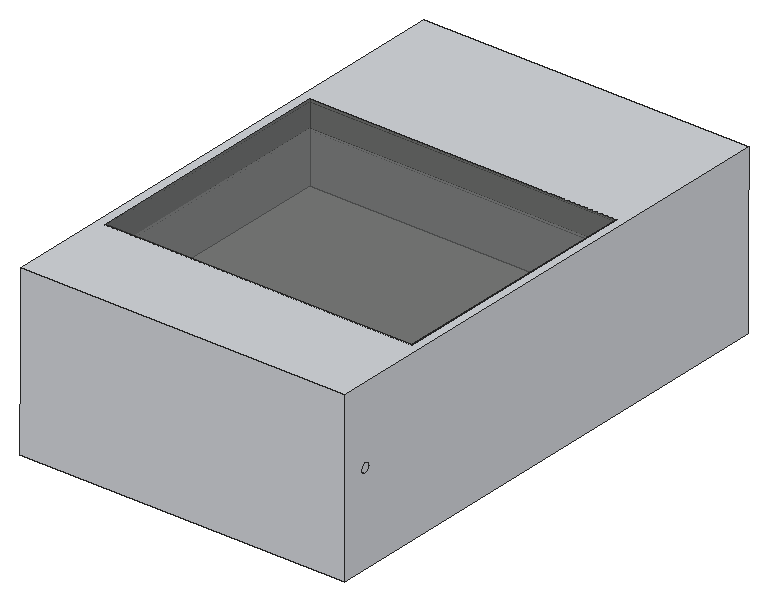
Revit family "Fireplace_Gas_DaVinci_Linear-SS", category Mechanical Equipment, host Face, Revit 2026
Family settings
  Host = Face
  Round Connector Dimension = Use Diameter
  Part Type = Normal
  Classification Number = 23.40.20.34.14
  Cut with Voids When Loaded = No
  Maintain Annotation Orientation = No
  Shared = No
  Room Calculation Point = No
Parameters
  Warranty Duration (Years) = 0
  Unit Length = 3' - 2"
  Unit Height = 4' - 11 3/16"
  Unit Depth = 1' - 7 5/8"
  URL = "http://www.davincifireplace.com/"
  Test Data = ""
  Standards Conformance = "as Specified"
  Specification = "http://www.arcat.com/sdspecs/htm04/10_31_00.10tra.htm"
  SpecWizard = "http://www.arcat.com/specwizard/10307tra/index04.htm"
  Send Message = ""
  Sales Information = "http://www.davincifireplace.com/ContactUs.aspx"
  Revision = "R1_2017-04"
  Recess Into Host [instance] = 0' - 0 1/4"
  Product Properties = "http://www.davincifireplace.com/products.aspx"
  Product Data = "http://www.arcat.com/arcatcos/cos49/arc49714.html"
  Pressure Ranges [instance] = "5.5 - 7wc for NG  ;  11 - 13wc for LP"  # constant formula
  Opening Length = 3' - 0"
  Opening Height from Base of Unit = 0' - 11 1/8"
  Opening Height = 2' - 6"
  Mounting Height [instance] = 3' - 0"
  Model = "As Specified"
  Media Material [instance] = Media - DaVinci - as Specified
  Manufacturer Website = "http://www.davincifireplace.com/"
  Manufacturer Phone - Toll Free = "800-654-1177"
  Manufacturer Phone = "425-609-2500"
  Manufacturer Fax = "425-609-2781"
  Manufacturer Address = "12521 Harbour Reach Dr.  Mukilteo, WA 98275"
  Manufacturer = "DaVinci Custom Fireplaces , Travis Industries Division"
  Maintenance Schedule (Months) = 0
  Locate Gas Connection from Front [instance] = 0' - 9"
  Locate Gas Connection Vertical [instance] = 0' - 3"
  Locate Exhaust = 1' - 7"
  Locate Air Inlet D = 0' - 7 1/4"
  Locate Air Inlet C = 1' - 1 3/4"
  Locate Air Inlet B = 0' - 7.32846"
  Locate Air Inlet A = 0' - 4.92154"
  Keynote = "10 31 00"
  Interior Finish [instance] = Finish - DaVinci - Black Porcelain
  Installation-Fabrication = ""
  Installation Phase = ""
  Inlet Volume [instance] = 0 CFM
  HVAC_Outlet Volume [instance] = 0 CFM
  HVAC_Exit Temperature [instance] = 0 °F
  HVAC_Exit Diameter [instance] = 6"
  HVAC_Entry Diameter [instance] = 4"
  HVAC_BTU Input = 14500.0 Btu/h * (BTU Input per Foot)  # 43500.0 Btu/h
  Green Building-LEED = ""
  Glazing Tint [instance] = Glass - DaVinci - Clear
  Glazing Edge Color [instance] = Finish - DaVinci - Black Paint
  Gas Connection Inlet Diameter [instance] = 1/2"
  Fuel Type [instance] = "as Specified"
  Expected Lifespan (Years) = 0
  Electrical_Voltage = 120 V
  Electrical_Amperage = 7 A
  Drawn By = "Sumex Design, Inc. / Robert S. Weygant, CSI, CDT, SCIP"
  Description = ""
  Default Elevation = 0' - 0"  # constant formula
  Copyright = "©Arcat Inc."
  Construction Details = "http://www.arcat.com/details/davinfp/davinfp.html?coid=49714"
  Building Codes = ""
  BTU Input per Foot = Opening Length / 1' 0"  # 3
  BTU Input Notes = "BTU Input per linear foot of the Fireplace Length"  # constant formula
  Available Options [instance] = "as Specified"
  Assembly Code = "E1090900"
Reference planes (in)
  plane 1 "Center (Front/Back)": y = 9.75604
  plane 2: z = 0
  plane 3 "Center (Left/Right)": x = 0
  plane 4: y = 39.34979
  plane 5: y = -19.83771
  plane 6: x = -19
  plane 7: x = 19
  plane 8 "Front": z = -0.25
  plane 9 "Rear": z = -19.875
  plane 10: y = -8.71271
  plane 11: y = 21.28729
  plane 12: x = -18
  plane 13: x = 18
  plane 14 "FF": y = -44.71271
  plane 15: x = 14.07846
  plane 16: x = 6.75
  plane 17: x = -7
  plane 18: x = -14.25
Forms (in)
  Extrusion 1, solid
    sketch origin (-15.17702, -180, -19.875) x (-1, 0, 0) y (0, -1, 0)
      loop
        line (3.82298, -219.34979) -> (3.82298, -160.16229) -> (-34.17702, -160.16229) -> (-34.17702, -219.34979) -> (3.82298, -219.34979)
      loop
        line (2.82298, -201.28729) -> (2.82298, -171.28729) -> (-33.17702, -171.28729) -> (-33.17702, -201.28729) -> (2.82298, -201.28729)
    from 0 to 19.625
  Extrusion 2, solid
    sketch origin (-15.17702, -180, -19.875) x (-1, 0, 0) y (0, -1, 0)
      loop
        line (3.82298, -219.34979) -> (3.82298, -160.16229) -> (-34.17702, -160.16229) -> (-34.17702, -219.34979) -> (3.82298, -219.34979)
    from 0 to 10.5362
  Extrusion 3, void
    sketch origin (-15.17702, -180, -19.875) x (0, -1, 0) y (-1, 0, 0)
      loop
        line (-219.34979, 3.82298) -> (-219.34979, -34.17702) -> (-160.16229, -34.17702) -> (-160.16229, 3.82298) -> (-219.34979, 3.82298)
    from 0 to -19.625
  Extrusion 4, void
    sketch origin (-15.17702, -180, -0.25) x (0, -1, 0) y (-1, 0, 0)
      loop
        line (-171.25604, 2.85423) -> (-201.31854, 2.85423) -> (-201.31854, -33.20827) -> (-171.25604, -33.20827) -> (-171.25604, 2.85423)
    from 0 to -12
  Extrusion 5, solid, material "Glass - DaVinci - Clear" <- "Glazing Tint"
    sketch origin (-15.17702, -180, -0.25) x (-1, 0, 0) y (0, -1, 0)
      loop
        line (2.82298, -201.28729) -> (2.82298, -171.28729) -> (-33.17702, -171.28729) -> (-33.17702, -201.28729) -> (2.82298, -201.28729)
    from 0 to -0.25
  Extrusion 6, solid, material "Glass - DaVinci - Clear" <- "Glazing Tint"
    sketch origin (-15.17702, -180, -0.25) x (-1, 0, 0) y (0, -1, 0)
      loop
        line (2.82298, -201.28729) -> (2.82298, -171.28729) -> (-33.17702, -171.28729) -> (-33.17702, -201.28729) -> (2.82298, -201.28729)
    from -3.25 to -3
  Extrusion 7, solid, material "Media - DaVinci - as Specified" <- "Media Material"
    sketch origin (-15.17702, -180, -0.25) x (-1, 0, 0) y (0, -1, 0)
      loop
        line (2.82298, -171.28729) -> (-33.17702, -171.28729) -> (-33.17702, -171.66229) -> (2.82298, -171.66229) -> (2.82298, -171.28729)
    from -0.25 to -9.0888
  Extrusion 8, solid
    sketch origin (-11.83813, 39.34979, 48) x (-1, 0, 0) y (0, 0, 1)
      loop
        circle (-11.83813, -58.0625) r 3
    from 0 to 2.5
  Extrusion 9, solid
    sketch origin (-11.83813, 39.34979, 48) x (-1, 0, 0) y (0, 0, 1)
      loop
        circle (-25.91659, -58.0625) r 2
    from 0 to 2.5
  Extrusion 10, solid
    sketch origin (-11.83813, 39.34979, 48) x (-1, 0, 0) y (0, 0, 1)
      loop
        circle (-18.58813, -58.0625) r 2
    from 0 to 2.5
  Extrusion 11, solid
    sketch origin (-11.83813, 39.34979, 48) x (-1, 0, 0) y (0, 0, 1)
      loop
        circle (-4.83813, -58.0625) r 2
    from 0 to 2.5
  Extrusion 12, solid
    sketch origin (-11.83813, 39.34979, 48) x (-1, 0, 0) y (0, 0, 1)
      loop
        circle (2.41187, -58.0625) r 2
    from 0 to 2.5
  Extrusion 13, solid
    sketch origin (19, 19.13326, 48) x (0, 1, 0) y (0, 0, 1)
      loop
        circle (-35.97098, -57.25) r 0.5
    from 0 to -0.52681
Cuts and joins
  joined: Extrusion 1, Extrusion 2
Dimensions and locks (in)
  equal spacing: plane 4, plane 1 "Center (Front/Back)", plane 5
  "Unit Height": plane 4 to plane 5
  equal spacing: plane 6, plane 3 "Center (Left/Right)", plane 7
  "Unit Length": plane 6 to plane 7
  "Recess Into Host": level to plane 8 "Front"
  "Unit Depth": plane 8 "Front" to plane 9 "Rear"
  equal spacing: plane 12, plane 3 "Center (Left/Right)", plane 13
  "Opening Height from Base of Unit": plane 10 to plane 5
  "Opening Height": plane 11 to plane 10
  "Opening Length": plane 12 to plane 13
  locked: Extrusion 4 sketch curve to plane 12 at 0.03125
  locked: plane 13 to Extrusion 4 sketch curve at 0.03125
  locked: Extrusion 4 sketch curve to plane 11 at 0.03125
  locked: plane 10 to Extrusion 4 sketch curve at 0.03125
  "Mounting Height": plane 10 to plane 14 "FF"
  locked: Extrusion 7 sketch curve to plane 10 at 0.375
  equal spacing: plane 8 "Front", Extrusion 8 sketch curve, plane 9 "Rear"
  "Locate Exhaust": Extrusion 8 sketch curve to plane 6
  equal spacing: plane 8 "Front", Extrusion 9 sketch curve, plane 9 "Rear"
  "Locate Air Inlet A": plane 7 to plane 15
  "Locate Air Inlet B": plane 16 to plane 15
  "Locate Air Inlet C": plane 17 to plane 16
  "Locate Air Inlet D": plane 18 to plane 17
  locked: plane 15 to Extrusion 9 sketch curve at 0
  locked: Extrusion 10 sketch curve to plane 16 at 0
  equal spacing: plane 8 "Front", Extrusion 10 sketch curve, plane 9 "Rear"
  locked: Extrusion 11 sketch curve to plane 17 at 0
  equal spacing: plane 8 "Front", Extrusion 11 sketch curve, plane 9 "Rear"
  locked: Extrusion 12 sketch curve to plane 18 at 0
  equal spacing: plane 8 "Front", Extrusion 12 sketch curve, plane 9 "Rear"
  "Locate Gas Connection Vertical": plane 5 to Extrusion 13 sketch curve
  "Locate Gas Connection from Front": plane 8 "Front" to Extrusion 13 sketch curve
  aligned and locked: plane 2 to host face
  aligned and locked: level to host face
  aligned and locked: Extrusion 1 sketch curve to plane 4
  aligned and locked: Extrusion 1 sketch curve to plane 6
  aligned and locked: plane 5 to Extrusion 1 sketch curve
  aligned and locked: Extrusion 1 sketch curve to plane 7
  aligned and locked: Extrusion 1 sketch curve to plane 11
  aligned and locked: plane 12 to Extrusion 1 sketch curve
  aligned and locked: Extrusion 1 sketch curve to plane 10
  aligned and locked: Extrusion 1 sketch curve to plane 13
  aligned and locked: Extrusion 1 to plane 9 "Rear"
  aligned and locked: plane 8 "Front" to Extrusion 1
  aligned and locked: Extrusion 2 sketch curve to Extrusion 1  (x4)
  aligned and locked: Extrusion 3 sketch curve to cut or joined group of Extrusion 1, Extrusion 2  (x4)
  aligned and locked: plane 8 "Front" to Extrusion 3
  aligned and locked: Extrusion 5 sketch curve to plane 13
  aligned and locked: plane 12 to Extrusion 5 sketch curve
  aligned and locked: Extrusion 5 sketch curve to plane 11
  aligned and locked: Extrusion 5 sketch curve to plane 10
  aligned and locked: Extrusion 6 sketch curve to plane 13
  aligned and locked: plane 12 to Extrusion 6 sketch curve
  aligned and locked: Extrusion 6 sketch curve to plane 11
  aligned and locked: Extrusion 6 sketch curve to plane 10
  aligned and locked: Extrusion 7 sketch curve to plane 12
  aligned and locked: plane 13 to Extrusion 7 sketch curve
  aligned and locked: Extrusion 7 sketch curve to plane 10
Automatic sketch dimensions
  host sketch curve to host sketch curve = 8' - 0"  (x2)
  radius of Extrusion 9 sketch curve = 0' - 2"
  radius of Extrusion 10 sketch curve = 0' - 2"
  radius of Extrusion 11 sketch curve = 0' - 2"
  radius of Extrusion 12 sketch curve = 0' - 2"
  radius of Extrusion 8 sketch curve = 0' - 3"
  radius of Extrusion 13 sketch curve = 0' - 0 1/2"
Connectors (in)
  electrical at (19, 9.75604, -9.82127), driven by "Electrical_Voltage"
    settings: on cut or joined group of Extrusion 1, Extrusion 2, index 1, voltage 120 V, apparent load 0 VA, apparent load phase1 0 VA, apparent load phase2 0 VA, apparent load phase3 0 VA, power factor 1, load classification "Power", number of poles 1, system type 31, power factor state 1, is connector primary yes, connector utility no, sub classification motor no, connector description ""
  hvac at (0, 41.84979, -10.0625), driven by "HVAC_Outlet Volume", driven by "HVAC_Exit Diameter"
    settings: on Extrusion 8, index 2, duct flow 0 CFM, flow factor 0, pres drop 0.00 in-wg, loss coef 0, conn angle 0.00°, conn width 12", conn height 12", conn diameter 6", duct sys type 3, conn prof type 0, flow config 0, flow direction 2, loss method 0, conn ref index -1, conn util no, is conn primary yes, conn desc ""
  hvac at (14.07846, 41.84979, -10.0625), driven by "Inlet Volume", driven by "HVAC_Entry Diameter"
    settings: on Extrusion 9, index 3, duct flow 0 CFM, flow factor 0, pres drop 0.00 in-wg, loss coef 0, conn angle 0.00°, conn width 12", conn height 12", conn diameter 4", duct sys type 4, conn prof type 0, flow config 0, flow direction 1, loss method 0, conn ref index -1, conn util no, is conn primary no, conn desc ""
  hvac at (6.75, 41.84979, -10.0625), driven by "Inlet Volume", driven by "HVAC_Entry Diameter"
    settings: on Extrusion 10, index 4, duct flow 0 CFM, flow factor 0, pres drop 0.00 in-wg, loss coef 0, conn angle 0.00°, conn width 12", conn height 12", conn diameter 4", duct sys type 4, conn prof type 0, flow config 0, flow direction 1, loss method 0, conn ref index -1, conn util no, is conn primary no, conn desc ""
  hvac at (-7, 41.84979, -10.0625), driven by "Inlet Volume", driven by "HVAC_Entry Diameter"
    settings: on Extrusion 11, index 5, duct flow 0 CFM, flow factor 0, pres drop 0.00 in-wg, loss coef 0, conn angle 0.00°, conn width 12", conn height 12", conn diameter 4", duct sys type 4, conn prof type 0, flow config 0, flow direction 1, loss method 0, conn ref index -1, conn util no, is conn primary no, conn desc ""
  hvac at (-14.25, 41.84979, -10.0625), driven by "Inlet Volume", driven by "HVAC_Entry Diameter"
    settings: on Extrusion 12, index 6, duct flow 0 CFM, flow factor 0, pres drop 0.00 in-wg, loss coef 0, conn angle 0.00°, conn width 12", conn height 12", conn diameter 4", duct sys type 4, conn prof type 0, flow config 0, flow direction 1, loss method 0, conn ref index -1, conn util no, is conn primary no, conn desc ""
  piping at (19, -16.83771, -9.25), diameter 0.5, driven by "Gas Connection Inlet Diameter"
    settings: on Extrusion 13, index 7, connector inside diameter 24", connector length 0' - 0", flow factor 0, pipe flow 0 GPM, pressure drop 0.00 psi, fitting loss kfactor 0, connector angle 0.00°, fixture units 0, engagement length 0' - 0", angle of deflection 0.00°, flow configuration 0, flow direction 1, fitting loss method 0, system type 29, joint type 0, gender type 0, connector reference index -1, connector utility 0, adjustable connector no, is connector primary yes, connector description ""
